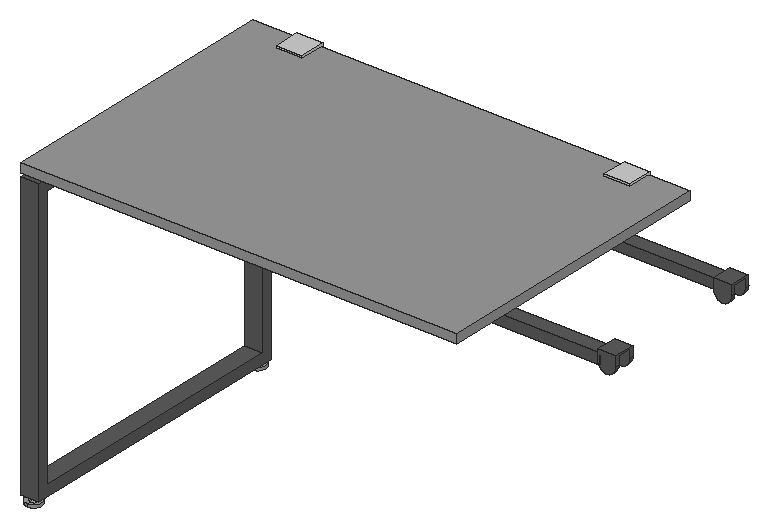
Revit family "Haworth_Tibas_Desk_ReturnExtension_EU_PRELIMINARY", category Furniture, Revit 2019 (continued)
Definition of nested family "Haworth_Tibas_CableManagement_HorizontalCableTraySingleWire_PART"
  Definition of nested family "Haworth_Tibas_CableManagement_HorizontalCableTraySingleWire_160cm-PART"
    Parameters (values of type "Wire Basket Single - 160cm")
      Warranty = "http://www.haworth.com/resources/product-info/warranties"
      Void Width = 20 cm  # constant formula
      URL = "www.haworth.com"
      Trim Finish = none
      Size = "Verify Final Dim. w/ Haworth"  # constant formula
      Revision Number = "1"  # constant formula
      Model = "Haworth -  Wire Basket "  # constant formula
      Manufacturer = "Haworth"  # constant formula
      Description = "Haworth -  Wire Basket 160cm "  # constant formula
      Cable Tray Finish = none
      Author = "Haworth (Abd Rahman)"  # constant formula
      Assembly Code = "E2020200"
      Actual Width = 160 cm  # constant formula
      Actual Depth = 16 cm  # constant formula
    Reference planes (cm)
      plane 1: z = 0
      plane 2 "Support Top": z = 74.1363
      plane 3: x = 20.8036
      plane 4: y = -4.3686
      plane 5 "Front": y = -20.3686
      plane 6: y = -12.3686
      plane 7: x = -59.1964
      plane 8: x = 100.8036
    Forms (cm)
      Extrusion 1, solid, material <- "Cable Tray Finish"
        sketch origin (-68.41, -24.7371, 0) x (0, 1, 0) y (0, 0, -1)
          loop
            line (5.5335, -74.1362) -> (5.5335, -68.4381)
            arc (5.5335, -68.4381) -> (5.5922, -68.2965) -> (5.7338, -68.2378) r 0.2003
            line (5.7338, -68.2378) -> (19.8574, -68.2378)
            arc (19.8574, -68.2378) -> (20.0023, -68.2979) -> (20.0623, -68.4428) r 0.205
            line (20.0623, -68.4428) -> (20.0623, -74.1362) -> (20.3686, -74.1362) -> (20.3686, -68.4261)
            arc (20.3686, -68.4261) -> (20.2547, -68.1513) -> (19.9799, -68.0374) r 0.3886
            line (19.9799, -68.0374) -> (5.7294, -68.0374)
            arc (5.7294, -68.0374) -> (5.455, -68.1511) -> (5.3413, -68.4255) r 0.3881
            line (5.3413, -68.4255) -> (5.3413, -74.1362) -> (5.5335, -74.1362)
        from -169.2136 to -9.2136
      Extrusion 2, void
        sketch origin (0, -2.9666, 0) x (1, 0, 0) y (0, 0, -1)
          loop
            line (-58.636, -73.9397) -> (-50.4684, -73.9397) -> (-50.4684, -70.6269) -> (-58.636, -70.6269) -> (-58.636, -73.9397)
          loop
            line (-50.4684, -70.4411) -> (-50.4684, -68.6179) -> (-58.636, -68.6179) -> (-58.636, -70.4411) -> (-50.4684, -70.4411)
          loop
            line (-50.261, -73.9397) -> (-44.4684, -73.9397) -> (-44.4684, -70.6269) -> (-50.261, -70.6269) -> (-50.261, -73.9397)
          loop
            line (-44.4684, -70.4411) -> (-44.4684, -68.6179) -> (-50.261, -68.6179) -> (-50.261, -70.4411) -> (-44.4684, -70.4411)
          loop
            line (-44.261, -73.9397) -> (-38.4684, -73.9397) -> (-38.4684, -70.6269) -> (-44.261, -70.6269) -> (-44.261, -73.9397)
          loop
            line (-38.4684, -70.4411) -> (-38.4684, -68.6448) -> (-44.261, -68.6448) -> (-44.261, -70.4411) -> (-38.4684, -70.4411)
          loop
            line (-38.261, -73.9397) -> (-32.4684, -73.9397) -> (-32.4684, -70.6269) -> (-38.261, -70.6269) -> (-38.261, -73.9397)
          loop
            line (-32.4684, -70.4411) -> (-32.4684, -68.6448) -> (-38.261, -68.6448) -> (-38.261, -70.4411) -> (-32.4684, -70.4411)
          loop
            line (-32.261, -73.9397) -> (-26.4684, -73.9397) -> (-26.4684, -70.6269) -> (-32.261, -70.6269) -> (-32.261, -73.9397)
          loop
            line (-26.4684, -70.4411) -> (-26.4684, -68.6448) -> (-32.261, -68.6448) -> (-32.261, -70.4411) -> (-26.4684, -70.4411)
          loop
            line (-26.261, -73.9397) -> (-20.4684, -73.9397) -> (-20.4684, -70.6269) -> (-26.261, -70.6269) -> (-26.261, -73.9397)
          loop
            line (-20.4684, -70.4411) -> (-20.4684, -68.6582) -> (-26.261, -68.6582) -> (-26.261, -70.4411) -> (-20.4684, -70.4411)
          loop
            line (-20.261, -73.9397) -> (-14.4684, -73.9397) -> (-14.4684, -70.6269) -> (-20.261, -70.6269) -> (-20.261, -73.9397)
          loop
            line (-14.4684, -70.4411) -> (-14.4684, -68.6582) -> (-20.261, -68.6582) -> (-20.261, -70.4411) -> (-14.4684, -70.4411)
          loop
            line (-14.261, -73.9397) -> (-8.4684, -73.9397) -> (-8.4684, -70.6269) -> (-14.261, -70.6269) -> (-14.261, -73.9397)
          loop
            line (-8.4684, -70.4411) -> (-8.4684, -68.6582) -> (-14.261, -68.6582) -> (-14.261, -70.4411) -> (-8.4684, -70.4411)
          loop
            line (-8.261, -73.9397) -> (-2.4684, -73.9397) -> (-2.4684, -70.6269) -> (-8.261, -70.6269) -> (-8.261, -73.9397)
          loop
            line (-2.4684, -70.4411) -> (-2.4684, -68.6448) -> (-8.261, -68.6448) -> (-8.261, -70.4411) -> (-2.4684, -70.4411)
          loop
            line (-2.261, -73.9397) -> (3.5316, -73.9397) -> (3.5316, -70.6269) -> (-2.261, -70.6269) -> (-2.261, -73.9397)
          loop
            line (3.5316, -70.4411) -> (3.5316, -68.6582) -> (-2.261, -68.6582) -> (-2.261, -70.4411) -> (3.5316, -70.4411)
          loop
            line (3.739, -73.9397) -> (9.5316, -73.9397) -> (9.5316, -70.6269) -> (3.739, -70.6269) -> (3.739, -73.9397)
          loop
            line (9.5316, -70.4411) -> (9.5316, -68.6582) -> (3.739, -68.6582) -> (3.739, -70.4411) -> (9.5316, -70.4411)
          loop
            line (9.739, -73.9397) -> (15.5316, -73.9397) -> (15.5316, -70.6269) -> (9.739, -70.6269) -> (9.739, -73.9397)
          loop
            line (15.5316, -70.4411) -> (15.5316, -68.6582) -> (9.739, -68.6582) -> (9.739, -70.4411) -> (15.5316, -70.4411)
          loop
            line (15.739, -73.9397) -> (21.5316, -73.9397) -> (21.5316, -70.6269) -> (15.739, -70.6269) -> (15.739, -73.9397)
          loop
            line (21.5316, -70.4411) -> (21.5316, -68.6582) -> (15.739, -68.6582) -> (15.739, -70.4411) -> (21.5316, -70.4411)
          loop
            line (21.739, -73.9397) -> (27.5316, -73.9397) -> (27.5316, -70.6269) -> (21.739, -70.6269) -> (21.739, -73.9397)
          loop
            line (27.5316, -70.4411) -> (27.5316, -68.6582) -> (21.739, -68.6582) -> (21.739, -70.4411) -> (27.5316, -70.4411)
          loop
            line (27.739, -73.9397) -> (33.5316, -73.9397) -> (33.5316, -70.6269) -> (27.739, -70.6269) -> (27.739, -73.9397)
          loop
            line (33.5316, -70.4411) -> (33.5316, -68.6448) -> (27.739, -68.6448) -> (27.739, -70.4411) -> (33.5316, -70.4411)
          loop
            line (33.739, -73.9397) -> (39.5316, -73.9397) -> (39.5316, -70.6269) -> (33.739, -70.6269) -> (33.739, -73.9397)
          loop
            line (39.5316, -70.4411) -> (39.5316, -68.6582) -> (33.739, -68.6582) -> (33.739, -70.4411) -> (39.5316, -70.4411)
          loop
            line (39.739, -73.9397) -> (45.5316, -73.9397) -> (45.5316, -70.6269) -> (39.739, -70.6269) -> (39.739, -73.9397)
          loop
            line (45.5316, -70.4411) -> (45.5316, -68.6582) -> (39.739, -68.6582) -> (39.739, -70.4411) -> (45.5316, -70.4411)
          loop
            line (45.739, -73.9397) -> (51.5316, -73.9397) -> (51.5316, -70.6269) -> (45.739, -70.6269) -> (45.739, -73.9397)
          loop
            line (51.5316, -70.4411) -> (51.5316, -68.6582) -> (45.739, -68.6582) -> (45.739, -70.4411) -> (51.5316, -70.4411)
          loop
            line (51.739, -73.9397) -> (57.5316, -73.9397) -> (57.5316, -70.6269) -> (51.739, -70.6269) -> (51.739, -73.9397)
          loop
            line (57.5316, -70.4411) -> (57.5316, -68.6582) -> (51.739, -68.6582) -> (51.739, -70.4411) -> (57.5316, -70.4411)
          loop
            line (57.739, -73.9397) -> (63.5316, -73.9397) -> (63.5316, -70.6269) -> (57.739, -70.6269) -> (57.739, -73.9397)
          loop
            line (63.5316, -70.4411) -> (63.5316, -68.6582) -> (57.739, -68.6582) -> (57.739, -70.4411) -> (63.5316, -70.4411)
          loop
            line (63.739, -73.9397) -> (69.5316, -73.9397) -> (69.5316, -70.6269) -> (63.739, -70.6269) -> (63.739, -73.9397)
          loop
            line (69.5316, -70.4411) -> (69.5316, -68.6448) -> (63.739, -68.6448) -> (63.739, -70.4411) -> (69.5316, -70.4411)
          loop
            line (69.739, -73.9397) -> (75.5316, -73.9397) -> (75.5316, -70.6269) -> (69.739, -70.6269) -> (69.739, -73.9397)
          loop
            line (75.5316, -70.4411) -> (75.5316, -68.6582) -> (69.739, -68.6582) -> (69.739, -70.4411) -> (75.5316, -70.4411)
          loop
            line (75.739, -73.9397) -> (81.5316, -73.9397) -> (81.5316, -70.6269) -> (75.739, -70.6269) -> (75.739, -73.9397)
          loop
            line (81.5316, -70.4411) -> (81.5316, -68.6582) -> (75.739, -68.6582) -> (75.739, -70.4411) -> (81.5316, -70.4411)
          loop
            line (81.739, -73.9397) -> (87.5316, -73.9397) -> (87.5316, -70.6269) -> (81.739, -70.6269) -> (81.739, -73.9397)
          loop
            line (87.5316, -70.4411) -> (87.5316, -68.6582) -> (81.739, -68.6582) -> (81.739, -70.4411) -> (87.5316, -70.4411)
          loop
            line (87.739, -73.9397) -> (93.5316, -73.9397) -> (93.5316, -70.6269) -> (87.739, -70.6269) -> (87.739, -73.9397)
          loop
            line (93.5316, -70.4411) -> (93.5316, -68.6582) -> (87.739, -68.6582) -> (87.739, -70.4411) -> (93.5316, -70.4411)
          loop
            line (93.739, -73.9397) -> (100.4066, -73.9397) -> (100.4066, -70.6269) -> (93.739, -70.6269) -> (93.739, -73.9397)
          loop
            line (100.4066, -70.4411) -> (100.4066, -68.6582) -> (93.739, -68.6582) -> (93.739, -70.4411) -> (100.4066, -70.4411)
        from -21.2076 to 0.5784
      Extrusion 3, void
        sketch origin (0, -24.7371, 0) x (1, 0, 0) y (0, 1, 0)
          loop
            line (-58.511, 5.9663) -> (-54.9555, 5.9663) -> (-54.9555, 20.0623) -> (-58.511, 20.0623) -> (-58.511, 5.9663)
          loop
            line (-54.761, 5.9663) -> (-48.9684, 5.9663) -> (-48.9684, 20.0623) -> (-54.761, 20.0623) -> (-54.761, 5.9663)
          loop
            line (-48.761, 5.9663) -> (-42.9555, 5.9663) -> (-42.9555, 20.0623) -> (-48.761, 20.0623) -> (-48.761, 5.9663)
          loop
            line (-42.761, 5.9663) -> (-36.9684, 5.9663) -> (-36.9684, 20.0623) -> (-42.761, 20.0623) -> (-42.761, 5.9663)
          loop
            line (-36.761, 5.9663) -> (-30.9555, 5.9663) -> (-30.9555, 20.0623) -> (-36.761, 20.0623) -> (-36.761, 5.9663)
          loop
            line (-30.761, 5.9663) -> (-24.9684, 5.9663) -> (-24.9684, 20.0623) -> (-30.761, 20.0623) -> (-30.761, 5.9663)
          loop
            line (-24.761, 5.9663) -> (-18.9555, 5.9663) -> (-18.9555, 20.0623) -> (-24.761, 20.0623) -> (-24.761, 5.9663)
          loop
            line (-18.761, 5.9663) -> (-12.9684, 5.9663) -> (-12.9684, 20.0623) -> (-18.761, 20.0623) -> (-18.761, 5.9663)
          loop
            line (-12.761, 5.9663) -> (-6.9555, 5.9663) -> (-6.9555, 20.0623) -> (-12.761, 20.0623) -> (-12.761, 5.9663)
          loop
            line (-6.748, 5.9663) -> (-0.9555, 5.9663) -> (-0.9555, 20.0623) -> (-6.748, 20.0623) -> (-6.748, 5.9663)
          loop
            line (-0.748, 5.9663) -> (5.0575, 5.9663) -> (5.0575, 20.0623) -> (-0.748, 20.0623) -> (-0.748, 5.9663)
          loop
            line (5.2779, 5.9663) -> (11.0704, 5.9663) -> (11.0704, 20.0623) -> (5.2779, 20.0623) -> (5.2779, 5.9663)
          loop
            line (11.2779, 5.9663) -> (17.0834, 5.9663) -> (17.0834, 20.0623) -> (11.2779, 20.0623) -> (11.2779, 5.9663)
          loop
            line (17.2908, 5.9663) -> (23.0963, 5.9663) -> (23.0963, 20.0623) -> (17.2908, 20.0623) -> (17.2908, 5.9663)
          loop
            line (23.3038, 5.9663) -> (29.0963, 5.9663) -> (29.0963, 20.0623) -> (23.3038, 20.0623) -> (23.3038, 5.9663)
          loop
            line (29.3038, 5.9663) -> (35.1093, 5.9663) -> (35.1093, 20.0623) -> (29.3038, 20.0623) -> (29.3038, 5.9663)
          loop
            line (35.3297, 5.9663) -> (41.1222, 5.9663) -> (41.1222, 20.0623) -> (35.3297, 20.0623) -> (35.3297, 5.9663)
          loop
            line (41.3297, 5.9663) -> (47.1351, 5.9663) -> (47.1351, 20.0623) -> (41.3297, 20.0623) -> (41.3297, 5.9663)
          loop
            line (47.3426, 5.9663) -> (53.1481, 5.9663) -> (53.1481, 20.0623) -> (47.3426, 20.0623) -> (47.3426, 5.9663)
          loop
            line (53.3556, 5.9663) -> (59.1481, 5.9663) -> (59.1481, 20.0623) -> (53.3556, 20.0623) -> (53.3556, 5.9663)
          loop
            line (59.3556, 5.9663) -> (65.161, 5.9663) -> (65.161, 20.0623) -> (59.3556, 20.0623) -> (59.3556, 5.9663)
          loop
            line (65.3815, 5.9663) -> (71.174, 5.9663) -> (71.174, 20.0623) -> (65.3815, 20.0623) -> (65.3815, 5.9663)
          loop
            line (71.3815, 5.9663) -> (77.1869, 5.9663) -> (77.1869, 20.0623) -> (71.3815, 20.0623) -> (71.3815, 5.9663)
          loop
            line (77.3944, 5.9663) -> (83.1999, 5.9663) -> (83.1999, 20.0623) -> (77.3944, 20.0623) -> (77.3944, 5.9663)
          loop
            line (83.4074, 5.9663) -> (89.1999, 5.9663) -> (89.1999, 20.0623) -> (83.4074, 20.0623) -> (83.4074, 5.9663)
          loop
            line (89.4074, 5.9663) -> (95.2128, 5.9663) -> (95.2128, 20.0623) -> (89.4074, 20.0623) -> (89.4074, 5.9663)
          loop
            line (95.4333, 5.9663) -> (100.1181, 5.9663) -> (100.1181, 20.0623) -> (95.4333, 20.0623) -> (95.4333, 5.9663)
        from 0 to 76.0995
      Extrusion 4, solid, material <- "Trim Finish"
        sketch origin (107.911, 0.625, 79.9413) x (0, -1, 0) y (0, 0, -1)
          loop
            arc (24.1542, 2.8) -> (24.3098, 2.8644) -> (24.3742, 3.02) r 0.22
            line (24.3742, 3.02) -> (24.3742, 6) -> (24.1742, 6) -> (24.1742, 3) -> (20.1242, 3) -> (20.1242, 5.5787)
            arc (20.1242, 5.5787) -> (20.0594, 5.7352) -> (19.9029, 5.8) r 0.2213
            line (19.9029, 5.8) -> (19.6242, 5.8) -> (19.6242, 12.2277)
            arc (19.6242, 12.2277) -> (19.5591, 12.3849) -> (19.4019, 12.45) r 0.2223
            line (19.4019, 12.45) -> (7.5483, 12.45)
            arc (7.5483, 12.45) -> (7.1233, 12.025) -> (7.5483, 11.6) r 0.425
            line (7.5483, 11.6) -> (8.3242, 11.6) -> (8.3242, 11.8) -> (7.5501, 11.8)
            arc (7.5501, 11.8) -> (7.3251, 12.025) -> (7.5501, 12.25) r 0.225
            line (7.5501, 12.25) -> (19.4242, 12.25) -> (19.4242, 5.824)
            arc (19.4242, 5.824) -> (19.4898, 5.6656) -> (19.6482, 5.6) r 0.224
            line (19.6482, 5.6) -> (19.9242, 5.6) -> (19.9242, 3.0224)
            arc (19.9242, 3.0224) -> (19.9893, 2.8651) -> (20.1466, 2.8) r 0.2224
            line (20.1466, 2.8) -> (24.1542, 2.8)
        from -36.501 to -33.501
      Extrusion 5, solid, material <- "Trim Finish"
        sketch origin (-64.1788, 0.625, 79.9413) x (0, -1, 0) y (0, 0, 1)
          loop
            line (24.1542, -2.8) -> (20.1466, -2.8)
            arc (20.1466, -2.8) -> (19.9893, -2.8651) -> (19.9242, -3.0224) r 0.2224
            line (19.9242, -3.0224) -> (19.9242, -5.6) -> (19.6482, -5.6)
            arc (19.6482, -5.6) -> (19.4898, -5.6656) -> (19.4242, -5.824) r 0.224
            line (19.4242, -5.824) -> (19.4242, -12.25) -> (7.5501, -12.25)
            arc (7.5501, -12.25) -> (7.3251, -12.025) -> (7.5501, -11.8) r 0.225
            line (7.5501, -11.8) -> (8.3242, -11.8) -> (8.3242, -11.6) -> (7.5483, -11.6)
            arc (7.5483, -11.6) -> (7.1233, -12.025) -> (7.5483, -12.45) r 0.425
            line (7.5483, -12.45) -> (19.4019, -12.45)
            arc (19.4019, -12.45) -> (19.5591, -12.3849) -> (19.6242, -12.2277) r 0.2223
            line (19.6242, -12.2277) -> (19.6242, -5.8) -> (19.9029, -5.8)
            arc (19.9029, -5.8) -> (20.0594, -5.7352) -> (20.1242, -5.5787) r 0.2213
            line (20.1242, -5.5787) -> (20.1242, -3) -> (24.1742, -3) -> (24.1742, -6) -> (24.3742, -6) -> (24.3742, -3.02)
            arc (24.3742, -3.02) -> (24.3098, -2.8644) -> (24.1542, -2.8) r 0.22
        from -36.501 to -33.501
    Cuts and joins
      Extrusion 2, Extrusion 3 cuts Extrusion 1
    Lines and regions (cm)
      Masking region 1
        outline origin (0, 0, 0) x (1, 0, 0) y (0, 1, 0)
          loop
            line (-59.1964, -4.3686) -> (-59.1964, -20.3686) -> (100.8036, -20.3686) -> (100.8036, -4.3686) -> (-59.1964, -4.3686)
    Dimensions and locks (cm)
      locked: plane 2 "Support Top" to level at 74.1363
      equal spacing: plane 4, plane 6, plane 5 "Front"
      "Actual Depth": plane 5 "Front" to plane 4
      equal spacing: plane 7, plane 3, plane 8
      "Actual Width": plane 7 to plane 8
      aligned and locked: plane 4 to cut or joined group of Extrusion 1, Extrusion 2, Extrusion 3
      aligned and locked: Masking region 1 sketch curve to plane 4
      aligned and locked: Masking region 1 sketch curve to plane 5 "Front"
      aligned and locked: plane 8 to cut or joined group of Extrusion 1, Extrusion 2, Extrusion 3
      aligned and locked: plane 8 to Masking region 1
      aligned and locked: cut or joined group of Extrusion 1, Extrusion 2, Extrusion 3 to plane 7
      aligned and locked: Masking region 1 to plane 7
    Automatic sketch dimensions
      Extrusion 1 sketch curve to plane 2 "Support Top" = 0 cm  (x2)
      Extrusion 1 sketch curve to plane 4 = 0 cm
      Extrusion 1 sketch curve to Extrusion 1 sketch curve = 0.3062 cm
      Extrusion 1 sketch curve to plane 4 = 0.3886 cm
      Extrusion 1 sketch curve to Extrusion 1 sketch curve = 0.1226 cm
      Extrusion 1 sketch curve to plane 5 "Front" = 1.3652 cm
      Extrusion 1 sketch curve to Extrusion 1 sketch curve = 0.0044 cm
      Extrusion 1 sketch curve to Extrusion 1 sketch curve = 0.1959 cm
      Extrusion 1 sketch curve to Extrusion 1 sketch curve = 0.1923 cm
      Extrusion 1 sketch curve to plane 2 "Support Top" = 5.6934 cm
      Extrusion 1 sketch curve to Extrusion 1 sketch curve = 0.0167 cm
      Extrusion 2 sketch curve to plane 2 "Support Top" = 0.1965 cm  (x26)
      plane 7 to Extrusion 2 sketch curve = 0.5605 cm
      Extrusion 2 sketch curve to Extrusion 2 sketch curve = 0 cm  (x65)
      Extrusion 2 sketch curve to Extrusion 2 sketch curve = 8.1675 cm
      Extrusion 2 sketch curve to Extrusion 2 sketch curve = 0.2075 cm  (x34)
      Extrusion 2 sketch curve to Extrusion 2 sketch curve = 5.7925 cm  (x22)
      Extrusion 2 sketch curve to plane 3 = 5.272 cm
      plane 3 to Extrusion 2 sketch curve = 0.728 cm  (x2)
      Extrusion 2 sketch curve to plane 8 = 0.397 cm  (x2)
      Extrusion 2 sketch curve to Extrusion 2 sketch curve = 3.3128 cm  (x6)
      Extrusion 2 sketch curve to Extrusion 2 sketch curve = 0.1859 cm  (x26)
      Extrusion 2 sketch curve to Extrusion 2 sketch curve = 1.7829 cm  (x16)
      Extrusion 2 sketch curve to Extrusion 2 sketch curve = 0.0134 cm  (x4)
      Extrusion 2 sketch curve to Extrusion 2 sketch curve = 1.7963 cm
      Extrusion 2 sketch curve to Extrusion 2 sketch curve = 1.8232 cm
      plane 4 to Extrusion 3 sketch curve = 0.3062 cm  (x16)
      Extrusion 3 sketch curve to plane 7 = 0.6855 cm
      Extrusion 3 sketch curve to Extrusion 3 sketch curve = 3.5555 cm
      Extrusion 3 sketch curve to Extrusion 3 sketch curve = 0.1945 cm  (x4)
      Extrusion 3 sketch curve to Extrusion 3 sketch curve = 5.7925 cm  (x11)
      Extrusion 3 sketch curve to Extrusion 3 sketch curve = 0.2075 cm  (x18)
      Extrusion 3 sketch curve to Extrusion 3 sketch curve = 5.8055 cm  (x11)
      plane 5 "Front" to Extrusion 3 sketch curve = 1.5977 cm  (x13)
      Extrusion 3 sketch curve to Extrusion 3 sketch curve = 0.2204 cm  (x4)
      plane 3 to Extrusion 3 sketch curve = 3.7202 cm
      Extrusion 3 sketch curve to plane 3 = 2.2927 cm
      plane 8 to Extrusion 3 sketch curve = 5.5907 cm
      plane 8 to Extrusion 3 sketch curve = 0.6855 cm
      Extrusion 3 sketch curve to Extrusion 3 sketch curve = 0 cm  (x25)
      Extrusion 4 sketch curve to plane 4 = 2.5547 cm
      Extrusion 4 sketch curve to Extrusion 4 sketch curve = 0.0018 cm
      Extrusion 4 sketch curve to Extrusion 4 sketch curve = 0.7759 cm
      Extrusion 4 sketch curve to plane 5 "Front" = 1.5916 cm
      Extrusion 4 sketch curve to Extrusion 4 sketch curve = 0.0223 cm
      plane 2 "Support Top" to Extrusion 4 sketch curve = 0.005 cm
      Extrusion 4 sketch curve to Extrusion 4 sketch curve = 0.2 cm  (x5)
      Extrusion 4 sketch curve to Extrusion 4 sketch curve = 0.024 cm
      Extrusion 4 sketch curve to Extrusion 4 sketch curve = 0.2547 cm
      Extrusion 4 sketch curve to plane 5 "Front" = 1.0694 cm
      Extrusion 4 sketch curve to Extrusion 4 sketch curve = 0.0224 cm
      plane 5 "Front" to Extrusion 4 sketch curve = 3.1606 cm
      Extrusion 4 sketch curve to Extrusion 4 sketch curve = 0.02 cm  (x2)
      Extrusion 4 sketch curve to Extrusion 4 sketch curve = 2.5563 cm
      Extrusion 4 sketch curve to plane 2 "Support Top" = 0.195 cm
      Extrusion 4 sketch curve to plane 2 "Support Top" = 5.795 cm
      Extrusion 4 sketch curve to Extrusion 4 sketch curve = 0.225 cm
      Extrusion 4 sketch curve to Extrusion 4 sketch curve = 0 cm
      Masking region 1 sketch curve to plane 7 = 0 cm
      Masking region 1 sketch curve to plane 8 = 0 cm
      Extrusion 5 sketch curve to plane 4 = 2.5547 cm
      Extrusion 5 sketch curve to Extrusion 5 sketch curve = 0.0018 cm
      Extrusion 5 sketch curve to Extrusion 5 sketch curve = 0.7759 cm
      Extrusion 5 sketch curve to plane 5 "Front" = 1.5916 cm
      Extrusion 5 sketch curve to Extrusion 5 sketch curve = 0.0223 cm
      plane 2 "Support Top" to Extrusion 5 sketch curve = 0.005 cm
      Extrusion 5 sketch curve to Extrusion 5 sketch curve = 0.2 cm  (x4)
      Extrusion 5 sketch curve to Extrusion 5 sketch curve = 0.024 cm
      Extrusion 5 sketch curve to Extrusion 5 sketch curve = 0.2547 cm
      Extrusion 5 sketch curve to plane 5 "Front" = 1.0694 cm
      Extrusion 5 sketch curve to Extrusion 5 sketch curve = 0.0224 cm
      plane 5 "Front" to Extrusion 5 sketch curve = 3.1606 cm
      Extrusion 5 sketch curve to Extrusion 5 sketch curve = 0.02 cm  (x2)
      Extrusion 5 sketch curve to plane 2 "Support Top" = 0.019 cm
      Extrusion 5 sketch curve to plane 2 "Support Top" = 0.195 cm
      Extrusion 5 sketch curve to plane 2 "Support Top" = 5.795 cm
      Extrusion 5 sketch curve to Extrusion 5 sketch curve = 0.225 cm
      Extrusion 5 sketch curve to Extrusion 5 sketch curve = 0 cm
      Extrusion 5 sketch curve to Extrusion 5 sketch curve = 2.5563 cm
  Definition of nested family "Haworth_Tibas_CableManagement_HorizontalCableTraySingleWire_120cm-PART"
    Parameters (values of type "Wire Basket Single - 120cm")
      Warranty = "http://www.haworth.com/resources/product-info/warranties"
      Void Width = 20 cm  # constant formula
      URL = "www.haworth.com"
      Trim Finish = none
      Size = "Verify Final Dim. w/ Haworth"  # constant formula
      Revision Number = "1"  # constant formula
      Model = "Haworth -  Wire Basket "  # constant formula
      Manufacturer = "Haworth"  # constant formula
      Description = "Haworth -  Wire Basket 120cm "  # constant formula
      Cable Tray Finish = none
      Author = "Haworth (Abd Rahman)"  # constant formula
      Assembly Code = "E2020200"
      Actual Width = 120 cm  # constant formula
      Actual Depth = 16 cm  # constant formula
    Reference planes (cm)
      plane 1: z = 0
      plane 2 "Support Top": z = 74.1363
      plane 3: x = 20.8036
      plane 4: y = -4.3686
      plane 5 "Front": y = -20.3686
      plane 6: y = -12.3686
      plane 7: x = -39.1964
      plane 8: x = 80.8036
    Forms (cm)
      Extrusion 1, solid, material <- "Cable Tray Finish"
        sketch origin (-68.41, -24.7371, 0) x (0, 1, 0) y (0, 0, -1)
          loop
            line (5.5335, -74.1362) -> (5.5335, -68.4381)
            arc (5.5335, -68.4381) -> (5.5922, -68.2965) -> (5.7338, -68.2378) r 0.2003
            line (5.7338, -68.2378) -> (19.8574, -68.2378)
            arc (19.8574, -68.2378) -> (20.0023, -68.2979) -> (20.0623, -68.4428) r 0.205
            line (20.0623, -68.4428) -> (20.0623, -74.1362) -> (20.3686, -74.1362) -> (20.3686, -68.4261)
            arc (20.3686, -68.4261) -> (20.2547, -68.1513) -> (19.9799, -68.0374) r 0.3886
            line (19.9799, -68.0374) -> (5.7294, -68.0374)
            arc (5.7294, -68.0374) -> (5.455, -68.1511) -> (5.3413, -68.4255) r 0.3881
            line (5.3413, -68.4255) -> (5.3413, -74.1362) -> (5.5335, -74.1362)
        from -149.2136 to -29.2136
      Extrusion 2, void
        sketch origin (0, -2.9666, 0) x (1, 0, 0) y (0, 0, -1)
          loop
            line (-38.261, -73.9397) -> (-32.4684, -73.9397) -> (-32.4684, -70.6269) -> (-38.261, -70.6269) -> (-38.261, -73.9397)
          loop
            line (-32.4684, -70.4411) -> (-32.4684, -68.6448) -> (-38.261, -68.6448) -> (-38.261, -70.4411) -> (-32.4684, -70.4411)
          loop
            line (-32.261, -73.9397) -> (-26.4684, -73.9397) -> (-26.4684, -70.6269) -> (-32.261, -70.6269) -> (-32.261, -73.9397)
          loop
            line (-26.4684, -70.4411) -> (-26.4684, -68.6448) -> (-32.261, -68.6448) -> (-32.261, -70.4411) -> (-26.4684, -70.4411)
          loop
            line (-26.261, -73.9397) -> (-20.4684, -73.9397) -> (-20.4684, -70.6269) -> (-26.261, -70.6269) -> (-26.261, -73.9397)
          loop
            line (-20.4684, -70.4411) -> (-20.4684, -68.6582) -> (-26.261, -68.6582) -> (-26.261, -70.4411) -> (-20.4684, -70.4411)
          loop
            line (-20.261, -73.9397) -> (-14.4684, -73.9397) -> (-14.4684, -70.6269) -> (-20.261, -70.6269) -> (-20.261, -73.9397)
          loop
            line (-14.4684, -70.4411) -> (-14.4684, -68.6582) -> (-20.261, -68.6582) -> (-20.261, -70.4411) -> (-14.4684, -70.4411)
          loop
            line (-14.261, -73.9397) -> (-8.4684, -73.9397) -> (-8.4684, -70.6269) -> (-14.261, -70.6269) -> (-14.261, -73.9397)
          loop
            line (-8.4684, -70.4411) -> (-8.4684, -68.6582) -> (-14.261, -68.6582) -> (-14.261, -70.4411) -> (-8.4684, -70.4411)
          loop
            line (-8.261, -73.9397) -> (-2.4684, -73.9397) -> (-2.4684, -70.6269) -> (-8.261, -70.6269) -> (-8.261, -73.9397)
          loop
            line (-2.4684, -70.4411) -> (-2.4684, -68.6448) -> (-8.261, -68.6448) -> (-8.261, -70.4411) -> (-2.4684, -70.4411)
          loop
            line (-2.261, -73.9397) -> (3.5316, -73.9397) -> (3.5316, -70.6269) -> (-2.261, -70.6269) -> (-2.261, -73.9397)
          loop
            line (3.5316, -70.4411) -> (3.5316, -68.6582) -> (-2.261, -68.6582) -> (-2.261, -70.4411) -> (3.5316, -70.4411)
          loop
            line (3.739, -73.9397) -> (9.5316, -73.9397) -> (9.5316, -70.6269) -> (3.739, -70.6269) -> (3.739, -73.9397)
          loop
            line (9.5316, -70.4411) -> (9.5316, -68.6582) -> (3.739, -68.6582) -> (3.739, -70.4411) -> (9.5316, -70.4411)
          loop
            line (9.739, -73.9397) -> (15.5316, -73.9397) -> (15.5316, -70.6269) -> (9.739, -70.6269) -> (9.739, -73.9397)
          loop
            line (15.5316, -70.4411) -> (15.5316, -68.6582) -> (9.739, -68.6582) -> (9.739, -70.4411) -> (15.5316, -70.4411)
          loop
            line (15.739, -73.9397) -> (21.5316, -73.9397) -> (21.5316, -70.6269) -> (15.739, -70.6269) -> (15.739, -73.9397)
          loop
            line (21.5316, -70.4411) -> (21.5316, -68.6582) -> (15.739, -68.6582) -> (15.739, -70.4411) -> (21.5316, -70.4411)
          loop
            line (21.739, -73.9397) -> (27.5316, -73.9397) -> (27.5316, -70.6269) -> (21.739, -70.6269) -> (21.739, -73.9397)
          loop
            line (27.5316, -70.4411) -> (27.5316, -68.6582) -> (21.739, -68.6582) -> (21.739, -70.4411) -> (27.5316, -70.4411)
          loop
            line (27.739, -73.9397) -> (33.5316, -73.9397) -> (33.5316, -70.6269) -> (27.739, -70.6269) -> (27.739, -73.9397)
          loop
            line (33.5316, -70.4411) -> (33.5316, -68.6448) -> (27.739, -68.6448) -> (27.739, -70.4411) -> (33.5316, -70.4411)
          loop
            line (33.739, -73.9397) -> (39.5316, -73.9397) -> (39.5316, -70.6269) -> (33.739, -70.6269) -> (33.739, -73.9397)
          loop
            line (39.5316, -70.4411) -> (39.5316, -68.6582) -> (33.739, -68.6582) -> (33.739, -70.4411) -> (39.5316, -70.4411)
          loop
            line (39.739, -73.9397) -> (45.5316, -73.9397) -> (45.5316, -70.6269) -> (39.739, -70.6269) -> (39.739, -73.9397)
          loop
            line (45.5316, -70.4411) -> (45.5316, -68.6582) -> (39.739, -68.6582) -> (39.739, -70.4411) -> (45.5316, -70.4411)
          loop
            line (45.739, -73.9397) -> (51.5316, -73.9397) -> (51.5316, -70.6269) -> (45.739, -70.6269) -> (45.739, -73.9397)
          loop
            line (51.5316, -70.4411) -> (51.5316, -68.6582) -> (45.739, -68.6582) -> (45.739, -70.4411) -> (51.5316, -70.4411)
          loop
            line (51.739, -73.9397) -> (57.5316, -73.9397) -> (57.5316, -70.6269) -> (51.739, -70.6269) -> (51.739, -73.9397)
          loop
            line (57.5316, -70.4411) -> (57.5316, -68.6582) -> (51.739, -68.6582) -> (51.739, -70.4411) -> (57.5316, -70.4411)
          loop
            line (57.739, -73.9397) -> (63.5316, -73.9397) -> (63.5316, -70.6269) -> (57.739, -70.6269) -> (57.739, -73.9397)
          loop
            line (63.5316, -70.4411) -> (63.5316, -68.6582) -> (57.739, -68.6582) -> (57.739, -70.4411) -> (63.5316, -70.4411)
          loop
            line (63.739, -73.9397) -> (69.5316, -73.9397) -> (69.5316, -70.6269) -> (63.739, -70.6269) -> (63.739, -73.9397)
          loop
            line (69.5316, -70.4411) -> (69.5316, -68.6448) -> (63.739, -68.6448) -> (63.739, -70.4411) -> (69.5316, -70.4411)
          loop
            line (69.739, -73.9397) -> (75.5316, -73.9397) -> (75.5316, -70.6269) -> (69.739, -70.6269) -> (69.739, -73.9397)
          loop
            line (75.5316, -70.4411) -> (75.5316, -68.6582) -> (69.739, -68.6582) -> (69.739, -70.4411) -> (75.5316, -70.4411)
          loop
            line (75.739, -73.9397) -> (80.3487, -73.9397) -> (80.3487, -70.6269) -> (75.739, -70.6269) -> (75.739, -73.9397)
          loop
            line (80.3487, -70.4411) -> (80.3487, -68.6582) -> (75.739, -68.6582) -> (75.739, -70.4411) -> (80.3487, -70.4411)
        from -21.2076 to 0.5784
      Extrusion 3, void
        sketch origin (0, -24.7371, 0) x (1, 0, 0) y (0, 1, 0)
          loop
            line (-38.511, 5.9663) -> (-30.9555, 5.9663) -> (-30.9555, 20.0623) -> (-38.511, 20.0623) -> (-38.511, 5.9663)
          loop
            line (-30.761, 5.9663) -> (-24.9684, 5.9663) -> (-24.9684, 20.0623) -> (-30.761, 20.0623) -> (-30.761, 5.9663)
          loop
            line (-24.761, 5.9663) -> (-18.9555, 5.9663) -> (-18.9555, 20.0623) -> (-24.761, 20.0623) -> (-24.761, 5.9663)
          loop
            line (-18.761, 5.9663) -> (-12.9684, 5.9663) -> (-12.9684, 20.0623) -> (-18.761, 20.0623) -> (-18.761, 5.9663)
          loop
            line (-12.761, 5.9663) -> (-6.9555, 5.9663) -> (-6.9555, 20.0623) -> (-12.761, 20.0623) -> (-12.761, 5.9663)
          loop
            line (-6.748, 5.9663) -> (-0.9555, 5.9663) -> (-0.9555, 20.0623) -> (-6.748, 20.0623) -> (-6.748, 5.9663)
          loop
            line (-0.748, 5.9663) -> (5.0575, 5.9663) -> (5.0575, 20.0623) -> (-0.748, 20.0623) -> (-0.748, 5.9663)
          loop
            line (5.2779, 5.9663) -> (11.0704, 5.9663) -> (11.0704, 20.0623) -> (5.2779, 20.0623) -> (5.2779, 5.9663)
          loop
            line (11.2779, 5.9663) -> (17.0834, 5.9663) -> (17.0834, 20.0623) -> (11.2779, 20.0623) -> (11.2779, 5.9663)
          loop
            line (17.2908, 5.9663) -> (23.0963, 5.9663) -> (23.0963, 20.0623) -> (17.2908, 20.0623) -> (17.2908, 5.9663)
          loop
            line (23.3038, 5.9663) -> (29.0963, 5.9663) -> (29.0963, 20.0623) -> (23.3038, 20.0623) -> (23.3038, 5.9663)
          loop
            line (29.3038, 5.9663) -> (35.1093, 5.9663) -> (35.1093, 20.0623) -> (29.3038, 20.0623) -> (29.3038, 5.9663)
          loop
            line (35.3297, 5.9663) -> (41.1222, 5.9663) -> (41.1222, 20.0623) -> (35.3297, 20.0623) -> (35.3297, 5.9663)
          loop
            line (41.3297, 5.9663) -> (47.1351, 5.9663) -> (47.1351, 20.0623) -> (41.3297, 20.0623) -> (41.3297, 5.9663)
          loop
            line (47.3426, 5.9663) -> (53.1481, 5.9663) -> (53.1481, 20.0623) -> (47.3426, 20.0623) -> (47.3426, 5.9663)
          loop
            line (53.3556, 5.9663) -> (59.1481, 5.9663) -> (59.1481, 20.0623) -> (53.3556, 20.0623) -> (53.3556, 5.9663)
          loop
            line (59.3556, 5.9663) -> (65.161, 5.9663) -> (65.161, 20.0623) -> (59.3556, 20.0623) -> (59.3556, 5.9663)
          loop
            line (65.3815, 5.9663) -> (71.174, 5.9663) -> (71.174, 20.0623) -> (65.3815, 20.0623) -> (65.3815, 5.9663)
          loop
            line (71.3815, 5.9663) -> (80.3036, 5.9663) -> (80.3036, 20.0623) -> (71.3815, 20.0623) -> (71.3815, 5.9663)
        from 0 to 76.0995
      Extrusion 4, solid, material <- "Trim Finish"
        sketch origin (90.911, 0.625, 79.9413) x (0, -1, 0) y (0, 0, -1)
          loop
            arc (24.1542, 2.8) -> (24.3098, 2.8644) -> (24.3742, 3.02) r 0.22
            line (24.3742, 3.02) -> (24.3742, 6) -> (24.1742, 6) -> (24.1742, 3) -> (20.1242, 3) -> (20.1242, 5.5787)
            arc (20.1242, 5.5787) -> (20.0594, 5.7352) -> (19.9029, 5.8) r 0.2213
            line (19.9029, 5.8) -> (19.6242, 5.8) -> (19.6242, 12.2277)
            arc (19.6242, 12.2277) -> (19.5591, 12.3849) -> (19.4019, 12.45) r 0.2223
            line (19.4019, 12.45) -> (7.5483, 12.45)
            arc (7.5483, 12.45) -> (7.1233, 12.025) -> (7.5483, 11.6) r 0.425
            line (7.5483, 11.6) -> (8.3242, 11.6) -> (8.3242, 11.8) -> (7.5501, 11.8)
            arc (7.5501, 11.8) -> (7.3251, 12.025) -> (7.5501, 12.25) r 0.225
            line (7.5501, 12.25) -> (19.4242, 12.25) -> (19.4242, 5.824)
            arc (19.4242, 5.824) -> (19.4898, 5.6656) -> (19.6482, 5.6) r 0.224
            line (19.6482, 5.6) -> (19.9242, 5.6) -> (19.9242, 3.0224)
            arc (19.9242, 3.0224) -> (19.9893, 2.8651) -> (20.1466, 2.8) r 0.2224
            line (20.1466, 2.8) -> (24.1542, 2.8)
        from -36.501 to -33.501
      Extrusion 5, solid, material <- "Trim Finish"
        sketch origin (-44.8038, 0.625, 79.9413) x (0, -1, 0) y (0, 0, 1)
          loop
            line (24.1542, -2.8) -> (20.1466, -2.8)
            arc (20.1466, -2.8) -> (19.9893, -2.8651) -> (19.9242, -3.0224) r 0.2224
            line (19.9242, -3.0224) -> (19.9242, -5.6) -> (19.6482, -5.6)
            arc (19.6482, -5.6) -> (19.4898, -5.6656) -> (19.4242, -5.824) r 0.224
            line (19.4242, -5.824) -> (19.4242, -12.25) -> (7.5501, -12.25)
            arc (7.5501, -12.25) -> (7.3251, -12.025) -> (7.5501, -11.8) r 0.225
            line (7.5501, -11.8) -> (8.3242, -11.8) -> (8.3242, -11.6) -> (7.5483, -11.6)
            arc (7.5483, -11.6) -> (7.1233, -12.025) -> (7.5483, -12.45) r 0.425
            line (7.5483, -12.45) -> (19.4019, -12.45)
            arc (19.4019, -12.45) -> (19.5591, -12.3849) -> (19.6242, -12.2277) r 0.2223
            line (19.6242, -12.2277) -> (19.6242, -5.8) -> (19.9029, -5.8)
            arc (19.9029, -5.8) -> (20.0594, -5.7352) -> (20.1242, -5.5787) r 0.2213
            line (20.1242, -5.5787) -> (20.1242, -3) -> (24.1742, -3) -> (24.1742, -6) -> (24.3742, -6) -> (24.3742, -3.02)
            arc (24.3742, -3.02) -> (24.3098, -2.8644) -> (24.1542, -2.8) r 0.22
        from -36.501 to -33.501
    Cuts and joins
      Extrusion 2, Extrusion 3 cuts Extrusion 1
    Lines and regions (cm)
      Masking region 1
        outline origin (0, 0, 0) x (1, 0, 0) y (0, 1, 0)
          loop
            line (-39.1964, -4.3686) -> (-39.1964, -20.3686) -> (80.8036, -20.3686) -> (80.8036, -4.3686) -> (-39.1964, -4.3686)
    Dimensions and locks (cm)
      locked: plane 2 "Support Top" to level at 74.1363
      equal spacing: plane 4, plane 6, plane 5 "Front"
      "Actual Depth": plane 5 "Front" to plane 4
      equal spacing: plane 7, plane 3, plane 8
      "Actual Width": plane 7 to plane 8
      aligned and locked: plane 4 to cut or joined group of Extrusion 1, Extrusion 2, Extrusion 3
      aligned and locked: Masking region 1 sketch curve to plane 4
      aligned and locked: Masking region 1 sketch curve to plane 5 "Front"
      aligned and locked: Masking region 1 to plane 7
      aligned and locked: cut or joined group of Extrusion 1, Extrusion 2, Extrusion 3 to plane 7
      aligned and locked: plane 8 to Masking region 1
      aligned and locked: plane 8 to cut or joined group of Extrusion 1, Extrusion 2, Extrusion 3
    Automatic sketch dimensions
      Extrusion 1 sketch curve to plane 2 "Support Top" = 0 cm  (x2)
      Extrusion 1 sketch curve to plane 4 = 0 cm
      Extrusion 1 sketch curve to Extrusion 1 sketch curve = 0.3062 cm
      Extrusion 1 sketch curve to plane 4 = 0.3886 cm
      Extrusion 1 sketch curve to Extrusion 1 sketch curve = 0.1226 cm
      Extrusion 1 sketch curve to plane 5 "Front" = 1.3652 cm
      Extrusion 1 sketch curve to Extrusion 1 sketch curve = 0.0044 cm
      Extrusion 1 sketch curve to Extrusion 1 sketch curve = 0.1959 cm
      Extrusion 1 sketch curve to Extrusion 1 sketch curve = 0.1923 cm
      Extrusion 1 sketch curve to plane 2 "Support Top" = 5.6934 cm
      Extrusion 1 sketch curve to Extrusion 1 sketch curve = 0.0167 cm
      Extrusion 4 sketch curve to plane 4 = 2.5547 cm
      Extrusion 4 sketch curve to Extrusion 4 sketch curve = 0.0018 cm
      Extrusion 4 sketch curve to Extrusion 4 sketch curve = 0.7759 cm
      Extrusion 4 sketch curve to plane 5 "Front" = 1.5916 cm
      Extrusion 4 sketch curve to Extrusion 4 sketch curve = 0.0223 cm
      plane 2 "Support Top" to Extrusion 4 sketch curve = 0.005 cm
      Extrusion 4 sketch curve to Extrusion 4 sketch curve = 0.2 cm  (x5)
      Extrusion 4 sketch curve to Extrusion 4 sketch curve = 0.024 cm
      Extrusion 4 sketch curve to Extrusion 4 sketch curve = 0.2547 cm
      Extrusion 4 sketch curve to plane 5 "Front" = 1.0694 cm
      Extrusion 4 sketch curve to Extrusion 4 sketch curve = 0.0224 cm
      plane 5 "Front" to Extrusion 4 sketch curve = 3.1606 cm
      Extrusion 4 sketch curve to Extrusion 4 sketch curve = 0.02 cm  (x2)
      Extrusion 4 sketch curve to Extrusion 4 sketch curve = 2.5563 cm
      Extrusion 4 sketch curve to plane 2 "Support Top" = 0.195 cm
      Extrusion 4 sketch curve to plane 2 "Support Top" = 5.795 cm
      Extrusion 4 sketch curve to Extrusion 4 sketch curve = 0.225 cm
      Extrusion 4 sketch curve to Extrusion 4 sketch curve = 0 cm
      Masking region 1 sketch curve to plane 7 = 0 cm
      Masking region 1 sketch curve to plane 8 = 0 cm
      Extrusion 5 sketch curve to plane 4 = 2.5547 cm
      Extrusion 5 sketch curve to Extrusion 5 sketch curve = 0.0018 cm
      Extrusion 5 sketch curve to Extrusion 5 sketch curve = 0.7759 cm
      Extrusion 5 sketch curve to plane 5 "Front" = 1.5916 cm
      Extrusion 5 sketch curve to Extrusion 5 sketch curve = 0.0223 cm
      plane 2 "Support Top" to Extrusion 5 sketch curve = 0.005 cm
      Extrusion 5 sketch curve to Extrusion 5 sketch curve = 0.2 cm  (x4)
      Extrusion 5 sketch curve to Extrusion 5 sketch curve = 0.024 cm
      Extrusion 5 sketch curve to Extrusion 5 sketch curve = 0.2547 cm
      Extrusion 5 sketch curve to plane 5 "Front" = 1.0694 cm
      Extrusion 5 sketch curve to Extrusion 5 sketch curve = 0.0224 cm
      plane 5 "Front" to Extrusion 5 sketch curve = 3.1606 cm
      Extrusion 5 sketch curve to Extrusion 5 sketch curve = 0.02 cm  (x2)
      Extrusion 5 sketch curve to plane 2 "Support Top" = 0.019 cm
      Extrusion 5 sketch curve to plane 2 "Support Top" = 0.195 cm
      Extrusion 5 sketch curve to plane 2 "Support Top" = 5.795 cm
      Extrusion 5 sketch curve to Extrusion 5 sketch curve = 0.225 cm
      Extrusion 5 sketch curve to Extrusion 5 sketch curve = 0 cm
      Extrusion 5 sketch curve to Extrusion 5 sketch curve = 2.5563 cm
      Extrusion 3 sketch curve to plane 7 = 0.6855 cm
      plane 4 to Extrusion 3 sketch curve = 0.3062 cm  (x5)
      Extrusion 3 sketch curve to Extrusion 3 sketch curve = 7.5555 cm
      Extrusion 3 sketch curve to Extrusion 3 sketch curve = 0.1945 cm  (x2)
      plane 5 "Front" to Extrusion 3 sketch curve = 1.5977 cm  (x13)
      Extrusion 3 sketch curve to Extrusion 3 sketch curve = 5.7925 cm  (x8)
      Extrusion 3 sketch curve to Extrusion 3 sketch curve = 0.2075 cm  (x13)
      Extrusion 3 sketch curve to Extrusion 3 sketch curve = 5.8055 cm  (x7)
      Extrusion 3 sketch curve to Extrusion 3 sketch curve = 0.2204 cm  (x3)
      plane 3 to Extrusion 3 sketch curve = 3.7202 cm
      Extrusion 3 sketch curve to plane 3 = 2.2927 cm
      plane 8 to Extrusion 3 sketch curve = 0.5 cm
      Extrusion 3 sketch curve to Extrusion 3 sketch curve = 0 cm  (x20)
      Extrusion 2 sketch curve to plane 2 "Support Top" = 0.1965 cm  (x20)
      plane 7 to Extrusion 2 sketch curve = 0.9355 cm
      Extrusion 2 sketch curve to Extrusion 2 sketch curve = 0 cm  (x47)
      Extrusion 2 sketch curve to Extrusion 2 sketch curve = 5.7925 cm  (x16)
      Extrusion 2 sketch curve to Extrusion 2 sketch curve = 0.2075 cm  (x25)
      Extrusion 2 sketch curve to plane 3 = 5.272 cm
      plane 3 to Extrusion 2 sketch curve = 0.728 cm  (x2)
      Extrusion 2 sketch curve to plane 8 = 5.272 cm
      Extrusion 2 sketch curve to plane 8 = 0.4549 cm  (x2)
      Extrusion 2 sketch curve to Extrusion 2 sketch curve = 3.3128 cm  (x6)
      Extrusion 2 sketch curve to Extrusion 2 sketch curve = 0.1859 cm  (x20)
      Extrusion 2 sketch curve to Extrusion 2 sketch curve = 1.7829 cm  (x14)
      Extrusion 2 sketch curve to Extrusion 2 sketch curve = 0.0134 cm  (x4)
      Extrusion 2 sketch curve to Extrusion 2 sketch curve = 1.7963 cm
Types (6, lengths in cm): name | U Shape Cable Outlet | Small | Round Cable Outlet | No Accessory Kit | Large | Horizontal Cable Tray Wire Single | Horizontal Cable Tray Single | Flip Top Cable Outlet | Extension Width | Epure Cable Outlet | Cable Tray Width | Actual Width | Actual Depth | Accessory Kit
  120 x 80 | yes | no | no | no | yes | yes | no | no | 150 | no | 100 | 120 | 80 | yes
  100 x 80 | no | no | no | no | yes | yes | no | yes | 130 | no | 80 | 100 | 80 | yes
  80 x 80 | no | no | no | no | yes | no | yes | no | 110 | yes | 60 | 80 | 80 | yes
  120 x 60 | no | yes | yes | no | no | no | yes | no | 150 | no | 100 | 120 | 60 | yes
  100 x 60 | no | yes | no | no | no | no | yes | no | 130 | yes | 80 | 100 | 60 | yes
  80 x 60 | no | yes | no | yes | no | no | no | no | 110 | no | 60 | 80 | 60 | no
